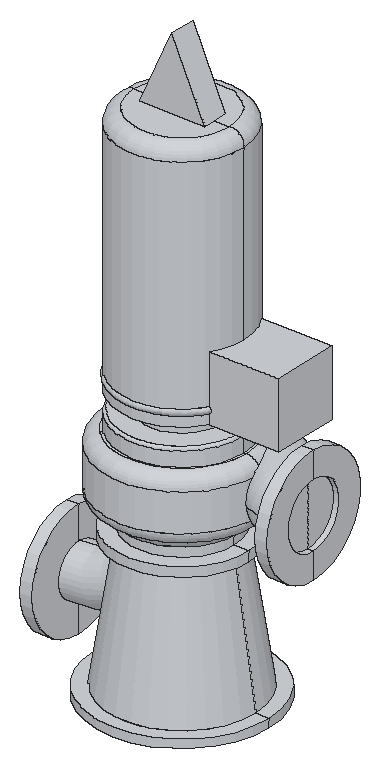
Revit family "b48dfa22a0124ce2a3dbffe95473d295", category Mechanical Equipment, Revit 2021
Family settings
  Round Connector Dimension = Use Radius
  Classification = Pump
  Part Type = Normal
  OmniClass Number = 23.60.30.21
  OmniClass Title = Pumps
  Work Plane-Based = No
  Always vertical = Yes
  Cut with Voids When Loaded = No
  Shared = No
  Room Calculation Point = No
Parameters (values of type "Standard")
  Voltage [instance] = 230 V
  Suction Vertical Offset = 10.130"
  Suction Pipe Outer Radius = 4.500"
  Suction Flange Thickness = 0.938"
  Suction Flange Outer Radius = Suction Flange Outer Diameter / 2  # 4 1/2"
  Suction Flange Outer Diameter = 9"
  Suction Connection Radius = Suction Connection Diameter / 2  # 2.000"
  Suction Horizontal Offset = 9.000"
  Suction Connection Diameter = 4"
  Stand Height = 11.750"
  Pump Material = none
  Overall Radius = Discharge Connection Radius + 0.5 * Motor Diameter  # 7.300"
  Number of Poles [instance] = 2
  Motor Radius = Motor Diameter / 2  # 4.800"
  Motor Height & Body Height = 34.510"
  Motor Diameter = 9.600"
  Load Classification [instance] = Appliance - Dwelling Unit
  Lifting Rail Height = 5.600"
  Flow [instance] = 0 GPM
  Electrical Box Width = 5.100"
  Electrical Box Length = 5.100"
  Electrical Box Depth = 4.700"
  Discharge Pipe Outer Radius = 2.750"
  Discharge Height = 15.930"
  Discharge Flange Thickness = 0.938"
  Discharge Flange Outer Radius = Discharge Flange Outer Diameter / 2  # 4.500"
  Discharge Flange Outer Diameter = 9"
  Discharge Connection Radius = Discharge Connection Diameter / 2  # 2.500"
  Discharge Horizontal Offset = 10.130"
  Discharge Connection Diameter = 5"
  Discharge Connection Angle = 0.00°
  Default Elevation = 0.000"
  CALC_Discharge Arc = if(Discharge Connection Diameter > 5.000", if(Discharge Connection Diameter > 6.000", 20.000", 15.300"), 12.930")  # 12.930"
  Base Vertical Offset = 0.000"
  Apparent Load [instance] = 0 VA
Reference planes (in)
  plane 1 "Center (Front/Back)": y = 0
  plane 2: z = 0
  plane 3 "Center (Left/Right)": x = 0
  plane 4 "Base Vertical Offset": z = 0
  plane 5 "Stand Height": z = 11.75
  plane 6: z = 46.26
  plane 7 "Pump Left": x = -4.8
  plane 8 "Pump Motor Right": x = 4.8
  plane 9 "Discharge Connection": x = 10.13
  plane 10 "Suction Connection": x = -9
  plane 11 "Discharge Height": z = 15.93
  plane 12: x = -8.062
  plane 13 "Suction Height": z = 5.8
  plane 14: z = 40.66
  plane 15: z = 21.20368
  plane 16: z = 26.30368
  plane 17: x = 9.5
  plane 18: y = 2.55
  plane 19: y = -2.55
Forms (in)
  Revolve 1, solid, material <- "Pump Material"
    sketch origin (3.00219, -0.05, 0) x (1, 0, 0) y (0, 0, 1)
      loop
        arc (-6.70851, 40.66) -> (-7.48186, 40.33967) -> (-7.80219, 39.56632) r 1.09368
        line (-7.80219, 39.56632) -> (-7.80219, 22.46215)
        arc (-7.80219, 22.46215) -> (-7.92704, 22.21687) -> (-7.80219, 21.97158) r 0.30339
        line (-7.80219, 21.97158) -> (-7.80219, 21.20368) -> (-5.94855, 21.20368) -> (-5.94855, 19.75142) -> (-7.60314, 19.75142)
        arc (-7.60314, 19.75142) -> (-7.74389, 19.69311) -> (-7.80219, 19.55236) r 0.19905
        line (-7.80219, 19.55236) -> (-7.80219, 18.42465) -> (-7.99166, 18.42465)
        arc (-7.99166, 18.42465) -> (-8.72755, 18.11984) -> (-9.03237, 17.38395) r 1.04071
        line (-9.03237, 17.38395) -> (-9.03237, 14.47605)
        arc (-9.03237, 14.47605) -> (-8.72755, 13.74016) -> (-7.99166, 13.43535) r 1.04071
        line (-7.99166, 13.43535) -> (-7.80219, 13.43535)
        arc (-7.80219, 13.43535) -> (-7.46861, 12.7586) -> (-6.76542, 12.4851) r 1.04071
        line (-6.76542, 12.4851) -> (-7.04223, 12.4851) -> (-7.04223, 11.75) -> (-3.00219, 11.75) -> (-3.00219, 40.66) -> (-6.70851, 40.66)
      axis (-3.00219, 40.66) -> (-3.00219, 11.75)
    angle from 0 to 360
  Revolve 2, solid, material <- "Pump Material"
    sketch origin (3.00219, -0.05, 0) x (1, 0, 0) y (0, 0, 1)
      loop
        line (-3.00219, 11.75) -> (-8.19677, 11.75) -> (-8.19677, 10.99697) -> (-7.06723, 10.99697) -> (-8.68639, 0.65007) -> (-9.74441, 0.65007) -> (-9.74441, 0) -> (-3.00219, 0) -> (-3.00219, 11.75)
      axis (-3.00219, 11.75) -> (-3.00219, 0)
    angle from 0 to 360
  Sweep 3, solid, material <- "Pump Material"
    path origin (0, 0, 0) x (1, 0, 0) y (0, 1, 0)
      loop
        spline (9.192, 0) -> (8.19352, 0.19911) -> (7.32593, 0.71916) -> (6.50454, 1.44421) -> (5.64466, 2.25836) -> (4.66162, 3.04566) -> (3.47543, 3.69111) -> (2.11115, 4.10003) -> (0.69719, 4.19775) -> (-0.63367, 3.91043) -> (-1.74867, 3.16425) -> (-2.51504, 1.88538) -> (-2.8, 0)
    profile origin (3.47543, 3.69111, 0) x (-0.384768, -0.923013, 0) y (0, 0, 1)
      loop
        circle (0, 15.93) r 2.5
  Revolve 4, solid, material <- "Pump Material"
    sketch origin (0, 0, 0) x (1, 0, 0) y (0, 0, 1)
      loop
        line (9.192, 20.43) -> (9.192, 15.93) -> (9.661, 15.93) -> (9.661, 18.43) -> (10.13, 18.43) -> (10.13, 20.43) -> (9.192, 20.43)
      axis (9.192, 15.93) -> (10.13, 15.93)
    angle from 0 to 360
  Revolve 5, solid, material <- "Pump Material"
    sketch origin (0, 0, 0) x (1, 0, 0) y (0, 0, 1)
      loop
        line (-8.062, 5.8) -> (-8.062, 10.3) -> (-9, 10.3) -> (-9, 7.8) -> (-8.5, 7.8) -> (-8.5, 5.8) -> (-8.062, 5.8)
      axis (-9, 5.8) -> (-8.062, 5.8)
    angle from 0 to 360
  Sweep 6, solid, material <- "Pump Material"
    path origin (0, 0, 0) x (1, 0, 0) y (0, 0, 1)
      loop
        spline (-8.062, 5.8) -> (-6.77432, 5.87035) -> (-5.59861, 6.08139) -> (-4.53487, 6.43313) -> (-3.58311, 6.92556) -> (-2.74332, 7.55868) -> (-2.0155, 8.3325) -> (-1.39965, 9.24701) -> (-0.89578, 10.30222) -> (-0.50387, 11.49813) -> (-0.22394, 12.83472) -> (-0.05599, 14.31201) -> (0, 15.93)
    profile origin (-2.0155, 0, 8.3325) x (-0.782449, 0, 0.622715) y (0, -1, 0)
      loop
        circle (0, 0) r 2
  Extrusion 7, solid, material <- "Pump Material"
    sketch origin (0, 0, 0) x (1, 0, 0) y (0, 0, 1)
      loop
        line (9.5, 21.20368) -> (9.5, 26.30368) -> (0, 26.30368) -> (0, 21.20368) -> (9.5, 21.20368)
    from -2.55 to 2.55
  Extrusion 8, solid, material <- "Pump Material"
    sketch origin (0, 0, 0) x (1, 0, 0) y (0, 0, 1)
      loop
        line (-2.5, 40.66) -> (2.5, 40.66) -> (0, 46.26) -> (-2.5, 40.66)
    from -1 to 1
Lines and regions (in)
  reference lines
    curve 1: line (0, 0, 0) -> (11.068, 0, 0)
    curve 3: line (9.192, 0, 0) -> (9.192, 2.75, 0)
    curve 4: line (6.692, 0, 0) -> (6.692, 2.75, 0)
    curve 5: line (10.13, 2.75, 0) -> (-4.8, 2.75, 0)
    curve 6: line (10.13, 4.8, 0) -> (-4.8, 4.8, 0)
    curve 7: line (4.192, 0, 0) -> (4.192, 4.8, 0)
    curve 8: line (0, 0, 0) -> (-4.8, 0, 0)
    curve 9: line (-2.3, 0, 0) -> (-2.3, 4.8, 0)
  reference lines, not visible
    curve 2: line (10.13, 0, 0) -> (10.13, 2.75, 0)
  symbolic lines, detail levels fine
    curve 10: circle (0, 0, 0) r 7.3 normal (0, 0, 1)
    curve 11: line (-2.5, 1, 0) -> (2.5, 1, 0)
    curve 12: line (-2.5, -1, 0) -> (-2.5, 1, 0)
    curve 13: line (2.5, -1, 0) -> (-2.5, -1, 0)
    curve 14: line (2.5, 1, 0) -> (2.5, -1, 0)
    curve 15: line (-7.02068, 2, 0) -> (-8.062, 2, 0)
    curve 16: line (-9, 4.5, 0) -> (-8.062, 4.5, 0)
    curve 17: line (-9, -4.5, 0) -> (-9, 4.5, 0)
    curve 18: line (-8.062, -4.5, 0) -> (-9, -4.5, 0)
    curve 19: line (-8.062, 4.5, 0) -> (-8.062, -4.5, 0)
    curve 20: line (-8.062, -2, 0) -> (-7.02068, -2, 0)
    curve 21: line (9.192, 4.5, 0) -> (10.13, 4.5, 0)
    curve 22: line (9.192, -4.5, 0) -> (9.192, 4.5, 0)
    curve 23: line (10.13, -4.5, 0) -> (9.192, -4.5, 0)
    curve 24: line (10.13, 4.5, 0) -> (10.13, -4.5, 0)
    curve 25: line (9.192, 2.55, 0) -> (6.84014, 2.55, 0)
    curve 26: line (9.192, -2.55, 0) -> (6.84014, -2.55, 0)
Dimensions and locks (in)
  locked: Revolve 2 sketch curve to Revolve 2 sketch curve at 0.65007
  locked: Revolve 2 sketch curve to Revolve 2 sketch curve at 0.75303
  locked: Revolve 2 sketch curve to Revolve 2 sketch curve at 1.12954
  locked: Revolve 2 sketch curve to Revolve 2 sketch curve at 1.05802
  "Motor Height & Body Height": plane 6 to plane 5 "Stand Height"
  equal spacing: plane 8 "Pump Motor Right", plane 3 "Center (Left/Right)", plane 7 "Pump Left"
  "Motor Diameter": plane 8 "Pump Motor Right" to plane 7 "Pump Left"
  locked: Revolve 1 sketch curve to plane 7 "Pump Left" at 1.03677
  locked: Revolve 1 sketch curve to plane 5 "Stand Height" at 1.77581
  locked: plane 7 "Pump Left" to Revolve 1 sketch curve at 0.18947  (x2)
  locked: Revolve 1 sketch curve to Revolve 1 sketch curve at 1.45227
  locked: Revolve 1 sketch curve to plane 7 "Pump Left" at 1.85365
  locked: Revolve 1 sketch curve to plane 7 "Pump Left" at 1.09368
  locked: Revolve 2 sketch curve to plane 7 "Pump Left" at 1.94222
  locked: Revolve 2 sketch curve to plane 7 "Pump Left" at 0.39457
  Revolve 2 sketch curve to Revolve 2 sketch curve = 1.12954"
  equal spacing: Revolve 1 sketch curve, plane 11 "Discharge Height", Revolve 1 sketch curve
  locked: Revolve 1 sketch curve to Revolve 1 sketch curve at 2.90789
  "Suction Flange Thickness": plane 10 "Suction Connection" to plane 12
  "Suction Horizontal Offset": plane 10 "Suction Connection" to plane 3 "Center (Left/Right)"
  "Discharge Horizontal Offset": plane 9 "Discharge Connection" to plane 3 "Center (Left/Right)"
  "Suction Vertical Offset": plane 11 "Discharge Height" to plane 13 "Suction Height"
  "Discharge Horizontal Offset": curve 2 to curve 1
  "Discharge Pipe Outer Radius": curve 1 to curve 2
  "Discharge Flange Thickness": curve 3 to curve 2
  "Discharge Connection Radius": curve 4 to curve 3
  "Motor Radius": curve 1 to curve 6
  "Discharge Connection Radius": curve 7 to curve 4
  "Motor Radius": curve 8 to curve 8
  "Discharge Connection Radius": curve 8 to curve 9
  "Discharge Flange Outer Radius": Revolve 4 sketch curve to Revolve 4 sketch curve
  "Discharge Connection Radius": Revolve 4 sketch curve to Revolve 4 sketch curve
  "Discharge Flange Thickness": Revolve 4 sketch curve to Revolve 4 sketch curve
  equal spacing: Revolve 4 sketch curve, Revolve 4 sketch curve, Revolve 4 sketch curve
  "Suction Connection Radius": Revolve 5 sketch curve to Revolve 5 sketch curve
  "Suction Flange Outer Radius": Revolve 5 sketch curve to Revolve 5 sketch curve
  "Lifting Rail Height": plane 6 to plane 14
  locked: plane 14 to Revolve 1 sketch curve at 1.09368
  "Discharge Height": plane 11 "Discharge Height" to plane 4 "Base Vertical Offset"
  "Stand Height": plane 5 "Stand Height" to plane 4 "Base Vertical Offset"
  "Base Vertical Offset": plane 4 "Base Vertical Offset" to level
  "Electrical Box Length": plane 16 to plane 15
  "Electrical Box Depth": plane 17 to plane 8 "Pump Motor Right"
  equal spacing: plane 19, plane 1 "Center (Front/Back)", plane 18
  "Electrical Box Width": plane 19 to plane 18
  "CALC_Discharge Arc": Sweep 3 sketch curve to plane 9 "Discharge Connection"
  equal spacing: Extrusion 8 sketch curve, plane 3 "Center (Left/Right)", Extrusion 8 sketch curve
  "Suction Pipe Outer Radius": plane 1 "Center (Front/Back)" to curve 16
  "Suction Pipe Outer Radius": curve 18 to plane 1 "Center (Front/Back)"
  "Suction Connection Radius": curve 15 to plane 1 "Center (Front/Back)" to curve 20
  "Discharge Flange Outer Radius": curve 23 to plane 1 "Center (Front/Back)" to curve 21
  "Discharge Connection Radius": radius of Sweep 3 sketch curve
  "Suction Connection Radius": radius of Sweep 6 sketch curve
  "Overall Radius": radius of curve 10
  "Discharge Connection Angle": angle plane 1 "Center (Front/Back)" to curve 1
  aligned and locked: plane 5 "Stand Height" to Revolve 2 sketch curve
  aligned and locked: Revolve 2 sketch curve to plane 4 "Base Vertical Offset"
  aligned and locked: Revolve 2 sketch curve to plane 3 "Center (Left/Right)"
  aligned and locked: Revolve 1 sketch curve to plane 3 "Center (Left/Right)"
  aligned and locked: plane 7 "Pump Left" to Revolve 1 sketch curve
  aligned and locked: Revolve 1 sketch curve to plane 7 "Pump Left"  (x2)
  aligned and locked: plane 11 "Discharge Height" to Sweep 3 sketch curve
  aligned and locked: plane 11 "Discharge Height" to Revolve 4 sketch curve
  aligned and locked: Revolve 5 sketch curve to plane 13 "Suction Height"  (x2)
  aligned and locked: Revolve 5 sketch curve to plane 12
  aligned and locked: plane 10 "Suction Connection" to Revolve 5 sketch curve
  aligned and locked: Revolve 1 sketch curve to plane 14
  aligned and locked: plane 15 to Revolve 1
  aligned and locked: Extrusion 7 sketch curve to plane 16
  aligned and locked: Extrusion 7 sketch curve to plane 15
  aligned and locked: Extrusion 7 sketch curve to plane 17
  aligned and locked: Extrusion 7 to plane 18
  aligned and locked: Extrusion 7 to plane 19
  aligned and locked: plane 3 "Center (Left/Right)" to Extrusion 7 sketch curve
  aligned and locked: plane 1 "Center (Front/Back)" to curve 10
  aligned and locked: plane 3 "Center (Left/Right)" to curve 10
  aligned and locked: curve 11 to Extrusion 8
  aligned and locked: curve 12 to Extrusion 8
  aligned and locked: curve 13 to Extrusion 8
  aligned and locked: curve 14 to Extrusion 8
  aligned and locked: curve 17 to Revolve 5
  aligned and locked: curve 19 to Revolve 5
  aligned and locked: plane 12 to curve 15
  aligned and locked: curve 22 to Revolve 4
  aligned and locked: curve 24 to Revolve 4
  aligned and locked: curve 25 to plane 18
  aligned and locked: plane 19 to curve 26
Automatic sketch dimensions
  Revolve 2 sketch curve to plane 3 "Center (Left/Right)" = 0.000"
  Revolve 2 sketch curve to level = 24.000"
  plane 6 to Revolve 2 sketch curve = 49.86196"
  Revolve 1 sketch curve to plane 7 "Pump Left" = 0.000"
  Revolve 1 sketch curve to plane 5 "Stand Height" = 0.000"
  Revolve 1 sketch curve to plane 3 "Center (Left/Right)" = 0.000"
  plane 7 "Pump Left" to Revolve 1 sketch curve = 0.17854"
  plane 7 "Pump Left" to Revolve 1 sketch curve = 0.19905"
  plane 7 "Pump Left" to Revolve 1 sketch curve = 0.75997"
  Revolve 1 sketch curve to level = 24.000"
  Revolve 1 sketch curve to Revolve 1 sketch curve = 1.12771"
  Revolve 1 sketch curve to Revolve 1 sketch curve = 0.7679"
  Revolve 1 sketch curve to Revolve 1 sketch curve = 0.24529"
  Revolve 1 sketch curve to Revolve 1 sketch curve = 50.54035"
  Revolve 1 sketch curve to Revolve 1 sketch curve = 0.7351"
  plane 1 "Center (Front/Back)" to curve 1 = 0.000"
  curve 1 to plane 3 "Center (Left/Right)" = 0.000"
  curve 8 to curve 1 = 0.000"  (x2)
  curve 1 to curve 2 = 0.000"
  curve 1 to curve 3 = 0.000"
  curve 1 to curve 4 = 0.000"
  curve 1 to curve 7 = 0.000"
  curve 6 to curve 8 = 0.000"
  curve 5 to curve 6 = 0.000"
  curve 6 to curve 1 = 0.938"
  Sweep 3 sketch curve to profile plane = 0.000"
  Revolve 4 sketch curve to curve 1 = 3.126"
  Revolve 4 sketch curve to curve 1 = 1.876"
  Revolve 4 sketch curve to curve 1 = 0.376"
  Revolve 4 sketch curve to Revolve 4 sketch curve = 0.000"
  Sweep 3 sketch curve to curve 1 = 0.000"
  Sweep 3 sketch curve to curve 1 = 1.876"
  Revolve 5 sketch curve to Revolve 5 sketch curve = 0.438"
  plane 10 "Suction Connection" to Revolve 5 sketch curve = 6.22376"
  plane 9 "Discharge Connection" to Revolve 5 sketch curve = 11.73679"
  plane 12 to Sweep 6 sketch curve = 0.000"
  Sweep 6 sketch curve to plane 3 "Center (Left/Right)" = 0.000"
  Sweep 6 sketch curve to plane 13 "Suction Height" = 0.000"
  Sweep 6 sketch curve to plane 11 "Discharge Height" = 0.000"
  plane 1 "Center (Front/Back)" to Sweep 6 sketch curve = 0.000"
  Sweep 6 sketch curve to profile plane = 0.000"
  Extrusion 8 sketch curve to plane 14 = 0.000"
  Extrusion 8 sketch curve to plane 3 "Center (Left/Right)" = 0.000"
  Extrusion 8 sketch curve to plane 6 = 0.000"
  plane 7 "Pump Left" to Extrusion 8 sketch curve = 2.300"
Nested families (in)
  nested 1: "Pump Symbol" at (0, 0, 0) x (0, 1, 0) z (0, 0, 1), Symbol Radius <- "Discharge Horizontal Offset", type "Pump Symbol", detail levels coarse+medium
    with Symbol Radius 10.130", Symbol Length 2 8.77284", Symbol Length 1 5.065"
Connectors (in)
  piping at (10.13, 0, 15.93), diameter 5, driven by "Discharge Connection Radius", driven by "Flow"
    settings: on Revolve 4, index 1, connector inside diameter 5", connector length 0.000", flow factor 0, pipe flow 0 GPM, pressure drop 0.00 psi, fitting loss kfactor 0, connector angle 0.00°, fixture units 0, engagement length 0.000", angle of deflection 0.00°, flow configuration 0, flow direction 2, fitting loss method 0, system type 29, joint type 0, gender type 0, connector reference index 2, connector utility 0, adjustable connector no, is connector primary yes, connector description "Out"
  piping at (-9, 0, 5.8), diameter 4, driven by "Suction Connection Radius"
    settings: on Revolve 5, index 2, connector inside diameter 4", connector length 0.000", flow factor 0, pipe flow 0 GPM, pressure drop 0.00 psi, fitting loss kfactor 0, connector angle 0.00°, fixture units 0, engagement length 0.000", angle of deflection 0.00°, flow configuration 0, flow direction 1, fitting loss method 0, system type 29, joint type 0, gender type 0, connector reference index 1, connector utility 0, adjustable connector no, is connector primary no, connector description "In"
  electrical at (9.5, 0, 23.75368), driven by "Number of Poles", driven by "Load Classification", driven by "Voltage", driven by "Apparent Load"
    settings: on Extrusion 7, index 3, voltage 230 V, apparent load 0 VA, apparent load phase1 0 VA, apparent load phase2 0 VA, apparent load phase3 0 VA, power factor 0.8, load classification "Appliance - Dwelling Unit", number of poles 2, system type 30, power factor state 1, is connector primary yes, connector utility no, sub classification motor no, connector description "Power"
Definition of nested family "Pump Symbol"
  Parameters (values of type "Pump Symbol")
    Symbol Radius [instance] = 24.000"
    Symbol Length 2 [instance] = cos(30.00°) * Symbol Radius  # 20.78461"
    Symbol Length 1 [instance] = sin(30.00°) * Symbol Radius  # 12.000"
  Reference planes (in)
    plane 1 "Center (Front/Back)": y = 0
    plane 2: z = 0
    plane 3 "Center (Left/Right)": x = 0
    plane 4: y = 12
    plane 5: y = -24
    plane 6: x = -20.78461
    plane 7: x = 20.78461
  Lines and regions (in)
    Filled region 1, type "Concrete Block", in view "Ref. Level"
      outline origin (0, 0, 0) x (1, 0, 0) y (0, 1, 0)
        loop
          line (-20.78461, 12) -> (0, -24) -> (20.78461, 12) -> (-20.78461, 12)
    detail lines, in view "Ref. Level"
      curve 1: circle (0, 0, 0) r 24 normal (0, 0, 1)
  Dimensions and locks (in)
    "Symbol Radius": plane 1 "Center (Front/Back)" to plane 5
    "Symbol Length 1": plane 4 to plane 1 "Center (Front/Back)"
    "Symbol Length 2": plane 6 to plane 3 "Center (Left/Right)"
    "Symbol Length 2": plane 3 "Center (Left/Right)" to plane 7
    "Symbol Radius": radius of curve 1
    aligned and locked: plane 3 "Center (Left/Right)" to curve 1
    aligned and locked: plane 1 "Center (Front/Back)" to curve 1
  Automatic sketch dimensions
    Filled region 1 sketch curve to plane 4 = 0.000"
    Filled region 1 sketch curve to plane 6 = 0.000"
    Filled region 1 sketch curve to plane 3 "Center (Left/Right)" = 0.000"
    Filled region 1 sketch curve to plane 7 = 0.000"
    Filled region 1 sketch curve to plane 5 = 0.000"
